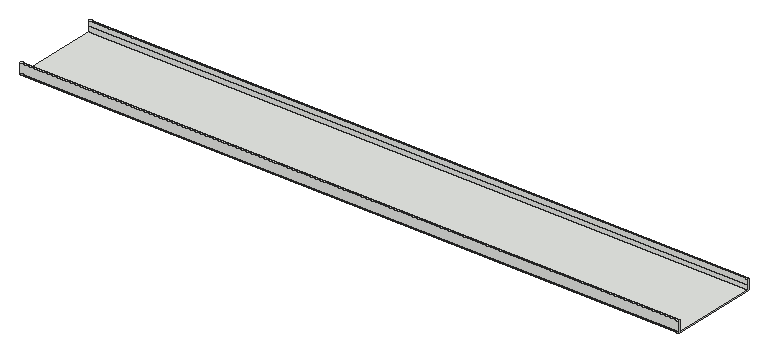
Revit family "PR826", category Mechanical Equipment, Revit 2018
Family settings
  Round Connector Dimension = Use Diameter
  Part Type = Normal
  OmniClass Number = 23.75.00.00
  OmniClass Title = Climate Control (HVAC)
  Work Plane-Based = No
  Always vertical = Yes
  Cut with Voids When Loaded = No
  Shared = No
  Room Calculation Point = No
Parameters (values of type "ISOLAMIN PR826 flashing")
  URL = "http://www.isolamin.se/"
  Thickness = "0.7 mm (Different thicknesses are available on request) \r\n0.7 mm (Different thicknesses are available on request) \r\n0.7 mm (Different thicknesses are available on request)"
  Profile Length = 1180 mm
  Model = "PR826"
  Material = "Galvanized Steel"
  Manufacturer = "ISOLAMIN AB"
  Edition = "1.0 (2018)"
Reference planes
  plane 1 "Center (Front/Back)": y = 0
  plane 2: z = 0
  plane 3 "Center (Left/Right)": x = 0
  plane 4: y = -1284.913
  plane 5: x = 1180
Forms (mm)
  Extrusion 1, solid, material "ISOLAMIN Surface Profile Material"
    sketch origin (0, 0, 0) x (0, 1, 0) y (0, 0, 1)
      loop
        line (-154, 1) -> (-154, 10.7) -> (-153, 10.7) -> (-153, 19.256)
        arc (-153, 19.256) -> (-154, 20) -> (-155, 19.256) r 1.044
        line (-155, 19.256) -> (-155, 1)
        arc (-155, 1) -> (-154.707, 0.293) -> (-154, 0) r 1
        line (-154, 0) -> (-1, 0)
        arc (-1, 0) -> (-0.293, 0.293) -> (0, 1) r 1
        line (0, 1) -> (0, 19.256)
        arc (0, 19.256) -> (-1, 20) -> (-2, 19.256) r 1.044
        line (-2, 19.256) -> (-2, 10.7) -> (-1, 10.7) -> (-1, 1) -> (-154, 1)
    from 0 to 1180
Dimensions and locks
  "Profile Length": plane 3 "Center (Left/Right)" to plane 5
  aligned and locked: level to plane 2
  aligned and locked: plane 5 to Extrusion 1
Automatic sketch dimensions
  Extrusion 1 sketch curve to level = 0 mm
  Extrusion 1 sketch curve to plane 1 "Center (Front/Back)" = 0 mm
  plane 1 "Center (Front/Back)" to Extrusion 1 sketch curve = 1 mm
  level to Extrusion 1 sketch curve = 1 mm  (x2)
  Extrusion 1 sketch curve to Extrusion 1 sketch curve = 0 mm  (x2)
  Extrusion 1 sketch curve to Extrusion 1 sketch curve = 1 mm  (x4)
  level to Extrusion 1 sketch curve = 10.7 mm
  Extrusion 1 sketch curve to Extrusion 1 sketch curve = 151 mm
  Extrusion 1 sketch curve to Extrusion 1 sketch curve = 9.7 mm
  Extrusion 1 sketch curve to Extrusion 1 sketch curve = 8.256 mm  (x2)
  Extrusion 1 sketch curve to Extrusion 1 sketch curve = 0.3 mm  (x2)
